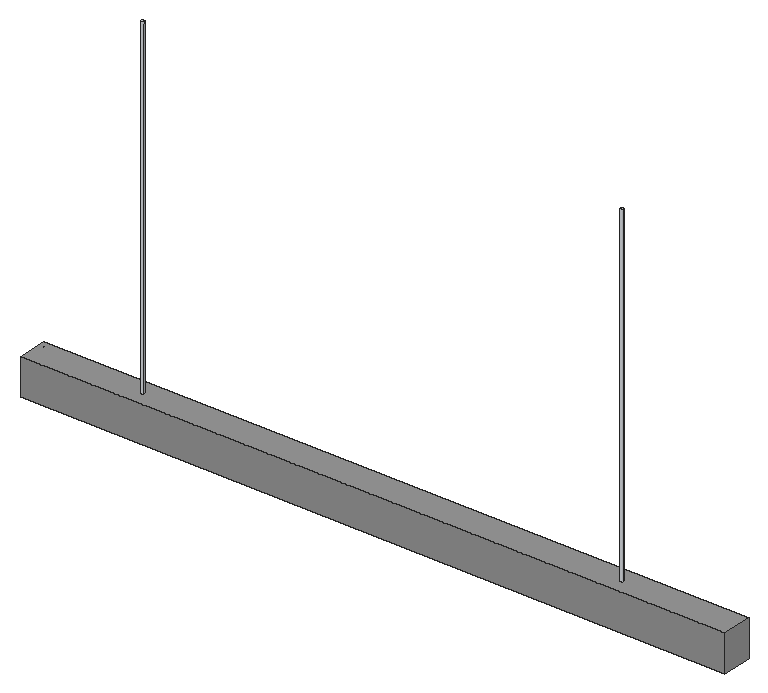
Revit family "HALIMALED_DALI_41_1500MM_4000k", category Lighting Fixtures, host Ceiling, Revit 2021
Family settings
  Host = Ceiling
  Round Connector Dimension = Use Diameter
  Part Type = Normal
  OmniClass Number = 23.80.70.11
  OmniClass Title = Luminaries for Internal Lighting
  Always vertical = Yes
  Cut with Voids When Loaded = No
  Light Source = Yes
  Shared = No
  Room Calculation Point = No
Parameters (values of type "Type 1")
  Wattage = 35.0406 W
  built-in parameter 1150110 = 1 (stored number, unit not read)
  Type de lampe = "LED Sanan"
  Type = "Profilé en saillie/suspension"
  built-in parameter 1114217 = 1 (stored number, unit not read)
  Tilt Angle = 90.00°
  Tension = "AC 220-240V"
  built-in parameter 1150109 = 1 (stored number, unit not read)
  built-in parameter 1150134 = 12
  built-in parameter 1150113 = 1 (stored number, unit not read)
  SDCM = "<3"
  Puissance nominale = "50W"
  Photometric Web File = "google_eulumdat_converter (3).ies"
  Matériau = "Aluminium anodisé"
  Maintien du flux = "L80B10 (50 000 heures)"
  Lumens = 5205 lm
  built-in parameter 1150115 = 1 (stored number, unit not read)
  built-in parameter 1150105 = 414.2 (stored number, unit not read)
  built-in parameter 1150137 = (empty or 0)
  built-in parameter 1150139 = (empty or 0)
  built-in parameter 1150112 = 1 (stored number, unit not read)
  built-in parameter 1150114 = 1 (stored number, unit not read)
  built-in parameter 1150132 = 2
  built-in parameter 1150102 = (empty or 0)
  built-in parameter 1150138 = (empty or 0)
  built-in parameter 1150107 = 4000 (stored number, unit not read)
  built-in parameter 1150106 = 4.142 (stored number, unit not read)
  IRC = ">80"
  Fintion = "Gris aluminium"
  Emit from Line Length = 609.6 mm
  built-in parameter 1150104 = 13.8 (stored number, unit not read)
  Durée de vie = "50 000 heures"
  Driver = "Driver Tridonic en version 230V on/off et Boke en DALI"
  Dimming Lamp Color Temperature Shift = <None>
  Dimensions = "63x78 mm, L = 1500 mm"
  Diffuseur = "Capot diffusant microprismatique"
  Default Elevation = 0 mm
  Color Filter = 16777215
  built-in parameter 1114218 = 1 (stored number, unit not read)
  built-in parameter 1150133 = 10 (stored number, unit not read)
  Angle d'éclairage = "90°"
Reference planes
  plane 1 "Light Source Axis (F/B)": y = 0
  plane 2: z = 0
  plane 3 "Light Source Axis (L/R)": x = 0
  plane 4 "Ceiling": z = 4000
  plane 5 "Light Source Elevation": z = 3246.255
Forms (mm)
  Extrusion 1, solid, material "Aluminium anodisé"
    sketch origin (0, 0, 0) x (0, 1, 0) y (0, 0, 1)
      loop
        line (31.5, 3211) -> (31.5, 3289) -> (-31.5, 3289) -> (-31.5, 3211) -> (-26.5, 3211) -> (-26.5, 3286) -> (26.5, 3286) -> (26.5, 3211) -> (31.5, 3211)
    from -750 to 750
  Extrusion 2, solid, material "Aluminium anodisé"
    sketch origin (-745, 0, 0) x (1, 0, 0) y (0, 0, 1)
      loop
        line (1500, 3289) -> (1495, 3289) -> (1495, 3211) -> (1500, 3211) -> (1500, 3289)
      loop
        line (-5, 3289) -> (-5, 3211) -> (3.456, 3211) -> (3.456, 3289) -> (-5, 3289)
    from -31.5 to 31.5
  Extrusion 3, solid, material "Glass, White, High Luminance"
    sketch origin (0, 0, 0) x (1, 0, 0) y (0, 0, 1)
      loop
        line (750, 3211) -> (750, 3214) -> (-750, 3214) -> (-750, 3211) -> (750, 3211)
    from -26.5 to 26.5
  Extrusion 4, solid
    sketch origin (-881.007, 0, 4000) x (0, -1, 0) y (1, 0, 0)
      loop
        circle (0, 1391.423) r 3
    from 0 to -711
  Extrusion 5, solid
    sketch origin (877.785, 0, 4000) x (0, 1, 0) y (-1, 0, 0)
      loop
        circle (0, 1391.423) r 3
    from 0 to -711
Cuts and joins
  joined: Extrusion 1, Extrusion 2
Lines and regions (mm)
  reference lines
    curve 1: line (0, 0, 3250) -> (0, 0, 3289)
    curve 2: line (0, 0, 3289) -> (-1500, 0, 3289)
    curve 3: line (-1500, 0, 3289) -> (-1500, 0, 3211)
    curve 4: line (0, 0, 3211) -> (0, -31.5, 3211)
    curve 5: line (0, -31.5, 3211) -> (0, -31.5, 3289)
    curve 6: line (0, -31.5, 3289) -> (0, 31.5, 3289)
    curve 7: line (0, 31.5, 3289) -> (0, 31.5, 3211)
    curve 8: line (0, 31.5, 3211) -> (0, 0, 3211)
    curve 9: line (0, 0, 3250) -> (-750, 0, 3250)
    curve 10: line (0, 0, 3250) -> (750, 0, 3250)
Dimensions and locks
  equal spacing: host sketch curve, plane 3 "Light Source Axis (L/R)", host sketch curve
  equal spacing: host sketch curve, plane 1 "Light Source Axis (F/B)", host sketch curve
  host sketch curve to host sketch curve = 4000 mm  (x2)
  plane 4 "Ceiling" to host ceiling = 0 mm
  aligned and locked: plane 1 "Light Source Axis (F/B)" to imposter light
  aligned and locked: plane 5 "Light Source Elevation" to imposter light
